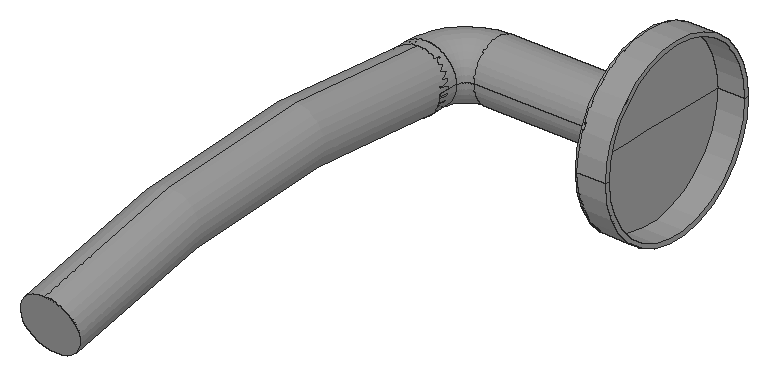
Revit family "TH 122", category Specialty Equipment, Revit 2012
Parameters
  Type Comments = "DORMA TH122"
  Model = "TH122"
  Manufacturer = "DORMA"
  Description = "DORMA TH122"
Reference planes
  plane 1 "Center (Front/Back)": y = 0
  plane 2: z = 0
  plane 3 "Center (Left/Right)": x = 0
Forms (mm)
  Revolve 1, solid, material "Matt chrome"
    sketch origin (-18.5, 0, 0) x (0, 1, 0) y (-1, 0, 0)
      loop
        line (0, 8) -> (0, 7) -> (21.536, 7) -> (21.536, 0) -> (22.536, 0) -> (22.536, 7.154)
        arc (22.536, 7.154) -> (22.288, 7.752) -> (21.69, 8) r 0.846
        line (21.69, 8) -> (0, 8)
      axis (0, 8) -> (0, 0)
    angle from 0 to 360
  Sweep 2, solid, material "Matt chrome"
    path origin (-26.34, -70.5, 0) x (0, -1, 0) y (1, 0, 0)
      loop
        line (-70.5, 0.84) -> (-70.5, -37.485)
        arc (-70.5, -37.485) -> (-67.571, -44.556) -> (-60.5, -47.485) r 10
        line (-60.5, -47.485) -> (-55.5, -47.485)
    profile origin (-44.662, 0, 0) x (0, -1, 0) y (0, 0, 1)
      loop
        circle (0, 0) r 7.5
  Sweep 3, solid, material "Matt chrome"
    path origin (-73.825, -12.812, 8.281) x (0, 1, 0) y (0, 0, 1)
      loop
        arc (0.117, -8.281) -> (-58.114, -4.346) -> (-115.832, -13.008) r 270.163
    profile origin (-73.825, -70.927, 3.936) x (0, 0.040733, -0.99917) y (1, 0, 0)
      loop
        circle (0, 0) r 7.5
Cuts and joins
  joined: Revolve 1, Sweep 2
Dimensions and locks
  aligned and locked: level to plane 2
